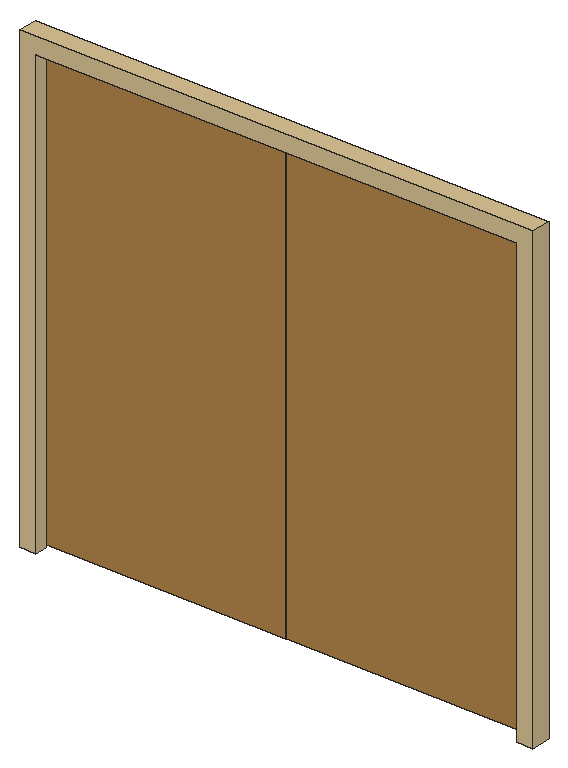
Revit family "853271e43f8f4a3ab57855fdcfb5eec9", category Doors, host Wall, Revit 2025
Family settings
  Host = Wall
  Always vertical = Yes
  Cut with Voids When Loaded = No
  Shared = No
  Room Calculation Point = No
Parameters (values of type "2270x2050mm")
  Wrap Layers (Ext) from Ext = 102.5 mm
  Wrap Layers (Int) from Ext = 177.5 mm
  Visual Light Transmittance = 0
  Vis - Cavity Closers = yes
  Type Comments = "External Garage"
  Thickness = Door Panel Thickness  # 32.0 mm
  Stile Top Rail = 200.0 mm
  Stile Shutting = 100.0 mm
  Stile Lock Rail = 200.0 mm
  Stile Hanging = 175.0 mm
  Stile Bottom Rail = 250.0 mm
  Solar Heat Gain Coefficient = 0
  Rough Width = Width  # 2270.0 mm
  Rough Height = Height  # 2050.0 mm
  Operation = "DoubleDoorSingleSwing"
  O/A Frame Width = 64.0 mm
  Define Thermal Properties by = Schematic Type
  Construction Type Id = "MDOOR"
  Manufacturer = "Revit"
  Keynote = "L20"
  Heat Transfer Coefficient (U) = 3.7021 W/(m²·K)
  Handle Z Distance = 1050.0 mm
  Glazing Panel Height = 450.0 mm
  Function = Exterior
  FrameWidth = 42.0 mm
  FrameOffset - External = 25.0 mm
  FrameDepth = 89.0 mm
  Door Panel Thickness = 32.0 mm
  Height = 2050.0 mm
  Material Door = Door - Panel
  Material Frame = Door - Frame/Mullion
  Structural Tolerance = 8.0 mm
  Tolerance = 3.0 mm
  Undercut = 10.0 mm
  Wall Closure = By host
  Width = 2270.0 mm
  Cavity Closer Width = 50.0 mm
  Cavity Closer Offset from Ext = 102.5 mm
  Cavity Closer Depth = 75.0 mm
  Analytic Construction = "Metal"
Types (2, lengths in mm): name | Stile Top Rail | Stile Shutting | Stile Hanging | Stile Bottom Rail | Rough Height | Height | Cavity Closer Depth
  2270x2050mm | 200.0 | 100.0 | 175.0 | 250.0 | 2050.0 | 2050.0 | 75.0
  2270x2200mm | 100.0 | 75.0 | 75.0 | 25.0 | 2200.0 | 2200.0 | 85.0
Reference planes
  plane 1: y = 0
  plane 2 "Center L/R": x = 0
  plane 3 "Left": x = -1135
  plane 4 "Right": x = 1135
  plane 5 "Head Opening": z = 2050
  plane 6 "Exterior": y = 150
  plane 7 "Interior": y = -150
  plane 8 "ST left": x = -1127
  plane 9 "ST right": x = 1127
  plane 10 "Int frame left": x = -1085
  plane 11 "Int frame right": x = 1085
  plane 12 "Left T": x = -1082
  plane 13 "RHS Leaf Edge": x = 1082
  plane 14: z = 2042
  plane 15: z = 2000
  plane 16: z = 1997
  plane 17 "Tol Behind Door Panel": y = 90
  plane 18 "LHS Leaf Edge": x = -1082
  plane 19: z = 0
  plane 20 "Door Face": y = 125
  plane 21: y = 36
  plane 22: z = 10
  plane 23: z = 0
  plane 24 "Front Cavity Closer": y = 47.5
  plane 25 "Mid LHS Leaf": x = -1.5
  plane 26 "Mid RHS Leaf": x = 1.5
  plane 27: y = 62
  plane 28 "Back of Door": y = 93
  plane 29: z = 1797
  plane 30: x = 907
  plane 31: x = 101.5
  plane 32: z = 260
  plane 33: x = -101.5
  plane 34: x = -907
  plane 35: y = 47.5
  plane 36: y = -27.5
Forms (mm)
  Sweep 1, solid, material "Door - Frame/Mullion" <- "Material Frame"
    path origin (0, 125, 0) x (1, 0, 0) y (0, 0, 1)
      loop
        line (1127, 0) -> (1127, 2042) -> (-1127, 2042) -> (-1127, 0)
    profile origin (0, 0, 1021) x (-1, 0, 0) y (0, -1, 0)
      loop
        line (-1135, -125) -> (-1085, -125) -> (-1085, -90) -> (-1063, -90) -> (-1063, -36) -> (-1135, -36) -> (-1135, -125)
  Extrusion 2, solid, material "Door - Panel" <- "Material Door"
    sketch origin (0, 125, 0) x (1, 0, 0) y (0, 0, 1)
      loop
        line (1082, 10) -> (1082, 1997) -> (1.5, 1997) -> (1.5, 10) -> (1082, 10)
      loop
        line (-1.5, 10) -> (-1.5, 1997) -> (-1082, 1997) -> (-1082, 10) -> (-1.5, 10)
    from 0 to 32
  Extrusion 3, void
    sketch origin (0, 125, 0) x (-1, 0, 0) y (0, 0, 1)
      loop
        line (-907, 260) -> (-101.5, 260) -> (-101.5, 1797) -> (-907, 1797) -> (-907, 260)
      loop
        line (101.5, 1797) -> (101.5, 260) -> (907, 260) -> (907, 1797) -> (101.5, 1797)
    from 0 to -5
Cuts and joins
  Extrusion 3 cuts Sweep 1
  Extrusion 3 cuts Extrusion 2
Lines and regions (mm)
  Opening 1
    outline origin (-5000, -150, 0) x (1, 0, 0) y (0, 0, 1)
      loop
        line (6135, 2050) -> (3865, 2050) -> (3865, 0) -> (6135, 0) -> (6135, 2050)
  Masking region 1, detail levels medium+fine
    outline origin (0, 0, 0) x (1, 0, 0) y (0, 1, 0)
      loop
        line (-1082, 1204.5) -> (-1082, 125) -> (-1050, 125) -> (-1050, 1204.5) -> (-1082, 1204.5)
      loop
        line (1082, 124) -> (1082, 1204.5) -> (1038, 1204.5) -> (1038, 124) -> (1082, 124)
  symbolic lines, style "Cavity Closer", visible <- "Vis - Cavity Closers", detail levels medium+fine
    curve 1: line (-1185, -27.5, 0) -> (-1135, -27.5, 0)
    curve 2: line (-1185, 47.5, 0) -> (-1185, -27.5, 0)
    curve 3: line (-1135, 47.5, 0) -> (-1185, 47.5, 0)
    curve 4: line (-1135, -27.5, 0) -> (-1135, 47.5, 0)
    curve 5: line (1135, -27.5, 0) -> (1185, -27.5, 0)
    curve 6: line (1135, 47.5, 0) -> (1135, -27.5, 0)
    curve 7: line (1185, 47.5, 0) -> (1135, 47.5, 0)
    curve 8: line (1185, -27.5, 0) -> (1185, 47.5, 0)
    curve 9: line (-1185, -27.5, 0) -> (-1135, 47.5, 0)
    curve 10: line (-1185, 47.5, 0) -> (-1135, -27.5, 0)
    curve 11: line (1135, -27.5, 0) -> (1185, 47.5, 0)
    curve 12: line (1135, 47.5, 0) -> (1185, -27.5, 0)
  symbolic lines, style "Elevation Swing"
    curve 13: line (0, 0, 0) -> (1063, 0, 998.5)
    curve 14: line (1063, 0, 998.5) -> (0, 0, 1978)
    curve 15: line (0, 0, 1978) -> (-1063, 0, 998.5)
    curve 16: line (0, 0, 0) -> (-1063, 0, 998.5)
  symbolic lines, style "DoorsPanelProjection", detail levels medium+fine
    curve 17: line (1082, 124, 0) -> (1038, 124, 0)
    curve 19: line (1082, 1204.5, 0) -> (1038, 1204.5, 0)
    curve 20: line (1038, 124, 0) -> (1038, 1204.5, 0)
    curve 23: line (-1082, 125, 0) -> (-1050, 125, 0)
    curve 25: line (-1082, 1204.5, 0) -> (-1050, 1204.5, 0)
    curve 26: line (-1050, 125, 0) -> (-1050, 1204.5, 0)
  symbolic lines, style "DoorsPanelProjection"
    curve 18: line (1082, 1204.5, 0) -> (1082, 124, 0)
    curve 24: line (-1082, 1204.5, 0) -> (-1082, 125, 0)
    curve 46: line (907, 0, 1797) -> (907, 0, 260)
    curve 47: line (907, 0, 260) -> (101.5, 0, 260)
    curve 48: line (101.5, 0, 260) -> (101.5, 0, 1797)
    curve 49: line (101.5, 0, 1797) -> (907, 0, 1797)
    curve 50: line (-907, 0, 1797) -> (-101.5, 0, 1797)
    curve 51: line (-101.5, 0, 1797) -> (-101.5, 0, 260)
    curve 52: line (-101.5, 0, 260) -> (-907, 0, 260)
    curve 53: line (-907, 0, 260) -> (-907, 0, 1797)
  symbolic lines, style "Plan Swing"
    curve 21: arc (1.5, 124, 0) -> (317.971, 888.029, 0) -> (1082, 1204.5, 0) r 1080.5
    curve 22: arc (-1.5, 124, 0) -> (-317.971, 888.029, 0) -> (-1082, 1204.5, 0) r 1080.5
  model lines, detail levels medium+fine
    curve 27: line (585.8, 125, 260) -> (585.8, 125, 1797)
    curve 28: line (-423.7, 125, 260) -> (-423.7, 125, 1797)
    curve 29: line (584.8, 125, 260) -> (584.8, 125, 1797)
    curve 30: line (-504.25, 125, 260) -> (-504.25, 125, 1797)
    curve 31: line (504.25, 125, 260) -> (504.25, 125, 1797)
    curve 32: line (-584.8, 125, 260) -> (-584.8, 125, 1797)
    curve 33: line (423.7, 125, 260) -> (423.7, 125, 1797)
    curve 34: line (-665.35, 125, 260) -> (-665.35, 125, 1797)
    curve 35: line (343.15, 125, 260) -> (343.15, 125, 1797)
    curve 36: line (-745.9, 125, 260) -> (-745.9, 125, 1797)
    curve 37: line (262.6, 125, 260) -> (262.6, 125, 1797)
    curve 38: line (-826.45, 125, 260) -> (-826.45, 125, 1797)
    curve 39: line (182.05, 125, 260) -> (182.05, 125, 1797)
    curve 40: line (-262.6, 125, 260) -> (-262.6, 125, 1797)
    curve 41: line (745.9, 125, 260) -> (745.9, 125, 1797)
    curve 42: line (-343.15, 125, 260) -> (-343.15, 125, 1797)
    curve 43: line (665.35, 125, 260) -> (665.35, 125, 1797)
    curve 44: line (-182.05, 125, 260) -> (-182.05, 125, 1797)
    curve 45: line (826.45, 125, 260) -> (826.45, 125, 1797)
Text (mm)
  text "Exterior" at (-1796.445, 976.134, 0), in view "Ref. Level"
  text "Exterior" at (0, 1615.38, 2893.938), in view "Left"
  text "Exterior" at (0, 1036.032, 3874.932), in view "Right"
Dimensions and locks
  equal spacing: plane 3 "Left", plane 2 "Center L/R", plane 4 "Right"
  "Width": plane 3 "Left" to plane 4 "Right"
  "Height": level to plane 5 "Head Opening"
  locked: plane 6 "Exterior" to host wall
  locked: plane 7 "Interior" to host wall
  "Structural Tolerance": plane 3 "Left" to plane 8 "ST left"
  "Structural Tolerance": plane 9 "ST right" to plane 4 "Right"
  "Tolerance": plane 13 "RHS Leaf Edge" to plane 11 "Int frame right"
  "Structural Tolerance": plane 5 "Head Opening" to plane 14
  "Tolerance": plane 15 to plane 16
  "Tolerance": plane 10 "Int frame left" to plane 18 "LHS Leaf Edge"
  "FrameDepth": plane 21 to plane 20 "Door Face"
  "FrameWidth": plane 8 "ST left" to plane 10 "Int frame left"
  "FrameWidth": plane 11 "Int frame right" to plane 9 "ST right"
  "O/A Frame Width": Sweep 1 sketch curve to plane 9 "ST right"
  "FrameOffset - External": plane 20 "Door Face" to plane 6 "Exterior"
  "Undercut": plane 23 to plane 22
  "FrameWidth": plane 14 to plane 15
  "Cavity Closer Offset from Ext": plane 24 "Front Cavity Closer" to plane 6 "Exterior"
  "Cavity Closer Depth": curve 1 to plane 24 "Front Cavity Closer"
  "Cavity Closer Depth": curve 5 to plane 24 "Front Cavity Closer"
  "Cavity Closer Width": curve 2 to plane 3 "Left"
  "Cavity Closer Width": plane 4 "Right" to curve 8
  "Cavity Closer Offset from Ext": nested 2 to plane 6 "Exterior"
  "Tolerance": plane 25 "Mid LHS Leaf" to plane 26 "Mid RHS Leaf"
  equal spacing: plane 25 "Mid LHS Leaf", plane 2 "Center L/R", plane 26 "Mid RHS Leaf"
  equal spacing: level, curve 14, plane 16
  equal spacing: level, curve 16, plane 16
  "Door Panel Thickness": curve 24 to curve 26
  "Door Panel Thickness": plane 28 "Back of Door" to plane 20 "Door Face"
  "Tolerance": plane 17 "Tol Behind Door Panel" to plane 28 "Back of Door"
  "Stile Hanging": plane 13 "RHS Leaf Edge" to plane 30
  "Stile Hanging": plane 18 "LHS Leaf Edge" to plane 34
  "Stile Bottom Rail": plane 22 to plane 32
  "Stile Top Rail": plane 29 to plane 16
  "Stile Shutting": plane 26 "Mid RHS Leaf" to plane 31
  "Stile Shutting": plane 33 to plane 25 "Mid LHS Leaf"
  equal spacing: plane 30, curve 45, curve 41, curve 43, curve 29, curve 31, curve 33, curve 35, curve 37, curve 39, plane 31
  equal spacing: plane 33, curve 44, curve 40, curve 42, curve 28, curve 30, curve 32, curve 34, curve 36, curve 38, plane 34
  "Wrap Layers (Ext) from Ext": plane 35 to plane 6 "Exterior"
  "Wrap Layers (Int) from Ext": plane 36 to plane 6 "Exterior"
  aligned and locked: plane 1 to host wall
  aligned and locked: plane 9 "ST right" to Sweep 1 sketch curve
  aligned and locked: plane 14 to Sweep 1 sketch curve
  aligned and locked: profile plane to plane 9 "ST right"
  aligned and locked: Sweep 1 sketch curve to plane 4 "Right"
  aligned and locked: plane 11 "Int frame right" to Sweep 1 sketch curve
  aligned and locked: plane 21 to Sweep 1 sketch curve
  aligned and locked: Sweep 1 sketch curve to plane 20 "Door Face"
  aligned and locked: plane 3 "Left" to nested 1
  aligned and locked: nested 1 to plane 24 "Front Cavity Closer"
  aligned and locked: nested 2 to plane 4 "Right"
  aligned and locked: level to Sweep 1 sketch curve  (x2)
  aligned and locked: level to plane 23
  aligned and locked: Sweep 1 sketch curve to plane 17 "Tol Behind Door Panel"
  aligned and locked: plane 18 "LHS Leaf Edge" to plane 12 "Left T"
  aligned and locked: plane 22 to Extrusion 2 sketch curve  (x2)
  aligned and locked: plane 26 "Mid RHS Leaf" to Extrusion 2 sketch curve
  aligned and locked: Extrusion 2 sketch curve to plane 25 "Mid LHS Leaf"
  aligned and locked: Extrusion 2 sketch curve to plane 16  (x2)
  aligned and locked: Extrusion 2 sketch curve to plane 13 "RHS Leaf Edge"
  aligned and locked: plane 18 "LHS Leaf Edge" to Extrusion 2 sketch curve
  aligned and locked: Extrusion 2 to plane 28 "Back of Door"
  aligned and locked: curve 46 to cut or joined group of Extrusion 2, Extrusion 3
  aligned and locked: curve 47 to cut or joined group of Extrusion 2, Extrusion 3
  aligned and locked: curve 48 to cut or joined group of Extrusion 2, Extrusion 3
  aligned and locked: curve 49 to cut or joined group of Extrusion 2, Extrusion 3
  aligned and locked: curve 50 to cut or joined group of Extrusion 2, Extrusion 3
  aligned and locked: curve 51 to cut or joined group of Extrusion 2, Extrusion 3
  aligned and locked: curve 52 to cut or joined group of Extrusion 2, Extrusion 3
  aligned and locked: curve 53 to cut or joined group of Extrusion 2, Extrusion 3
  aligned and locked: Extrusion 3 sketch curve to plane 29
  aligned and locked: plane 29 to Extrusion 3 sketch curve
  aligned and locked: plane 24 "Front Cavity Closer" to nested 2
  aligned and locked: Masking region 1 sketch curve to curve 24
  aligned and locked: Masking region 1 sketch curve to curve 26
  aligned and locked: Masking region 1 sketch curve to curve 25
  aligned and locked: Masking region 1 sketch curve to curve 23
  aligned and locked: Masking region 1 sketch curve to curve 17
  aligned and locked: Masking region 1 sketch curve to curve 20
  aligned and locked: Masking region 1 sketch curve to curve 18
  aligned and locked: Masking region 1 sketch curve to curve 19
Automatic sketch dimensions
  Sweep 1 sketch curve to plane 8 "ST left" = 0.0 mm
  curve 4 to plane 3 "Left" = 0.0 mm
  curve 12 to plane 4 "Right" = 0.0 mm
  curve 4 to plane 24 "Front Cavity Closer" = 0.0 mm
  curve 6 to plane 24 "Front Cavity Closer" = 0.0 mm
  curve 22 to plane 12 "Left T" = 0.0 mm
  curve 22 to plane 25 "Mid LHS Leaf" = 0.0 mm
  curve 21 to plane 26 "Mid RHS Leaf" = 0.0 mm
  curve 17 to plane 13 "RHS Leaf Edge" = 0.0 mm
  plane 20 "Door Face" to curve 20 = 1.0 mm
  plane 13 "RHS Leaf Edge" to curve 20 = 44.0 mm
  curve 21 to curve 17 = 0.0 mm
  plane 20 "Door Face" to curve 22 = 1.0 mm
  curve 26 to plane 20 "Door Face" = 0.0 mm
  Extrusion 3 sketch curve to plane 30 = 0.0 mm
  Extrusion 3 sketch curve to plane 31 = 0.0 mm
  Extrusion 3 sketch curve to plane 33 = 0.0 mm
  Extrusion 3 sketch curve to plane 34 = 0.0 mm
  Extrusion 3 sketch curve to plane 32 = 0.0 mm  (x2)
  curve 15 to plane 2 "Center L/R" = 0.0 mm
  curve 30 to plane 32 = 0.0 mm
  curve 44 to plane 32 = 0.0 mm
  curve 31 to plane 32 = 0.0 mm
  curve 43 to plane 32 = 0.0 mm
  curve 32 to plane 32 = 0.0 mm
  curve 42 to plane 32 = 0.0 mm
  curve 45 to plane 32 = 0.0 mm
  curve 41 to plane 32 = 0.0 mm
  curve 34 to plane 32 = 0.0 mm
  curve 29 to plane 32 = 0.0 mm
  curve 35 to plane 32 = 0.0 mm
  curve 40 to plane 32 = 0.0 mm
  curve 36 to plane 32 = 0.0 mm
  curve 27 to plane 32 = 0.0 mm
  curve 37 to plane 32 = 0.0 mm
  curve 33 to plane 32 = 0.0 mm
  curve 38 to plane 32 = 0.0 mm
  curve 28 to plane 32 = 0.0 mm
  curve 39 to plane 32 = 0.0 mm
  curve 16 to level = 0.0 mm
  plane 16 to curve 15 = 19.0 mm
  curve 16 to plane 12 "Left T" = 19.0 mm
  curve 29 to curve 27 = 1.0 mm
  plane 13 "RHS Leaf Edge" to curve 13 = 19.0 mm
  curve 45 to curve 46 = 0.0 mm
  curve 44 to curve 50 = 0.0 mm
  curve 43 to curve 45 = 0.0 mm
  curve 42 to curve 44 = 0.0 mm
  curve 41 to curve 45 = 0.0 mm
  curve 40 to curve 42 = 0.0 mm
  curve 33 to curve 43 = 0.0 mm
  curve 39 to curve 48 = 0.0 mm
  curve 38 to curve 50 = 0.0 mm
  curve 37 to curve 39 = 0.0 mm
  curve 36 to curve 38 = 0.0 mm
  curve 27 to curve 43 = 0.0 mm
  curve 35 to curve 33 = 0.0 mm
  curve 28 to curve 42 = 0.0 mm
  curve 34 to curve 36 = 0.0 mm
  curve 29 to curve 27 = 0.0 mm
  curve 30 to curve 28 = 0.0 mm
  curve 32 to curve 30 = 0.0 mm
  curve 31 to curve 29 = 0.0 mm
  Opening 1 sketch curve to plane 3 "Left" = 0.0 mm
  Opening 1 sketch curve to level = 0.0 mm
  Opening 1 sketch curve to plane 4 "Right" = 0.0 mm
  Opening 1 sketch curve to plane 5 "Head Opening" = 0.0 mm
  curve 13 to plane 2 "Center L/R" = 0.0 mm
Nested families
  nested 1: "Cavity Closer" at (-1185, 47.5, 0), visible <- "Vis - Cavity Closers", type "Cavity Closer", detail levels medium+fine
  nested 2: "Cavity Closer" at (1135, 47.5, 0), visible <- "Vis - Cavity Closers", type "Cavity Closer", detail levels medium+fine
Definition of nested family "Cavity Closer"
  Parameters
    Closer Width = 50.0 mm
    Closer Depth = 75.0 mm
  Reference planes
    plane 1 "Center (Front/Back)": y = 0
    plane 2: z = 0
    plane 3 "Center (Left/Right)": x = 0
    plane 4: x = 50, in view "Ref. Level"
    plane 5: y = -75, in view "Ref. Level"
  Lines and regions (mm)
    Masking region 1, in view "Ref. Level"
      outline origin (0, 0, 0) x (1, 0, 0) y (0, 1, 0)
        loop
          line (0, 0) -> (0, -75) -> (50, -75) -> (50, 0) -> (0, 0)
  Dimensions and locks
    "Closer Width": plane 3 "Center (Left/Right)" to plane 4
    "Closer Depth": plane 5 to plane 1 "Center (Front/Back)"
  Automatic sketch dimensions
    Masking region 1 sketch curve to plane 3 "Center (Left/Right)" = 0.0 mm
    Masking region 1 sketch curve to plane 4 = 0.0 mm
    Masking region 1 sketch curve to plane 5 = 0.0 mm
    Masking region 1 sketch curve to plane 1 "Center (Front/Back)" = 0.0 mm
